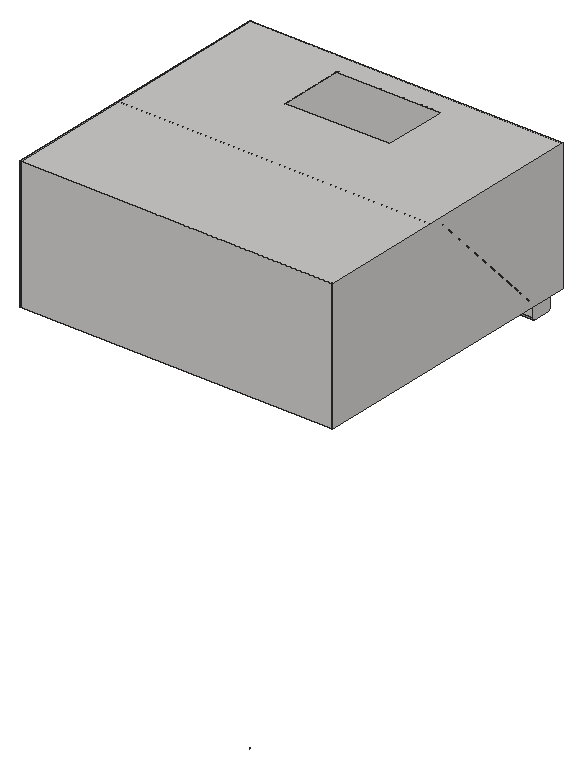
Revit family "QF_ELECTROLUXPROFESSIONAL_642010_EP1112T", category Specialty Equipment, Revit 2014
Reference planes
  plane 1 "Center (Front/Back)": y = 0
  plane 2: z = 0
  plane 3 "Center (Left/Right)": x = 150
  plane 4 "LEFT": x = -450
  plane 5 "RIGHT": x = 750
  plane 6 "BACK": y = 550
  plane 7 "FRONT": y = -550
  plane 8 "TOP": z = 2500
  plane 9 "Base": z = 2000
  plane 10: z = 1926
  plane 11 "DrainY": y = 485
  plane 12: x = -447
  plane 13: through (0, 414.509, 2000.8) normal (0, 0.7314, 0.682)
  plane 14: y = 470
  plane 15: y = 220
  plane 16 "DrainX": x = 630
  plane 17: x = -50
  plane 18: x = 350
  plane 19: x = 747
  plane 20: x = 540
  plane 21: x = 720
  plane 22: x = -410
  plane 23: x = 710
  plane 24: x = -47.5
  plane 25: x = 347.5
Forms (mm)
  Extrusion 1, solid, material "QF_Finishes_Stainless Steel"
    sketch origin (-450, 0, 360) x (0, 1, 0) y (0, 0, 1)
      loop
        line (550, 1640) -> (550, 2140) -> (-550, 2140) -> (-550, 1640) -> (550, 1640)
    from 0 to 3
  Extrusion 2, solid, material "QF_Finishes_Stainless Steel"
    sketch origin (150, 0, 360) x (0, 1, 0) y (0, 0, 1)
      loop
        line (415.255, 1640) -> (550, 1640) -> (550, 2139.19) -> (549.2, 2139.19) -> (549.2, 1640.8) -> (415.876, 1640.8) -> (339.347, 1722.867) -> (349.609, 1732.436) -> (348.927, 1733.167) -> (337.934, 1722.917) -> (415.255, 1640)
      loop
        line (-82.203, 2139.19) -> (-82.203, 2118.6) -> (-31.047, 2118.6) -> (34.354, 2048.466) -> (46.028, 2059.352) -> (45.346, 2060.083) -> (34.403, 2049.879) -> (-30.612, 2119.6) -> (-81.203, 2119.6) -> (-81.203, 2139.19) -> (-82.203, 2139.19)
    from -597 to 597
  Extrusion 3, solid, material "QF_Finishes_Stainless Steel"
    sketch origin (750, 0, 360) x (0, 1, 0) y (0, 0, 1)
      loop
        line (550, 1640) -> (550, 2140) -> (-550, 2140) -> (-550, 1640) -> (550, 1640)
    from 0 to -3
  Extrusion 4, solid, material "QF_Finishes_Stainless Steel"
    sketch origin (150, 0, 360) x (0, 1, 0) y (0, 0, 1)
      loop
        line (-550, 2140) -> (-550, 1640) -> (-549.2, 1640) -> (-549.2, 2139.19) -> (550, 2139.19) -> (550, 2140) -> (-550, 2140)
    from -600 to 600
  Extrusion 5, solid, material "QF_Finishes_Stainless Steel"
    sketch origin (150, 0, 360) x (0, 1, 0) y (0, 0, 1)
      loop
        line (534, 1640) -> (436, 1640) -> (436, 1627) -> (443.5, 1627) -> (443.5, 1576)
        arc (443.5, 1576) -> (446.429, 1568.929) -> (453.5, 1566) r 10
        line (453.5, 1566) -> (516.5, 1566)
        arc (516.5, 1566) -> (523.571, 1568.929) -> (526.5, 1576) r 10
        line (526.5, 1576) -> (526.5, 1627) -> (534, 1627) -> (534, 1640)
    from 390 to 570
  Extrusion 6, solid, material "QF_Finishes_Stainless Steel"
    sketch origin (0, 0, 2000) x (0, 1, 0) y (-1, 0, 0)
      loop
        circle (485, -630) r 20
    from -76 to -74
  Extrusion 7, solid, material "QF_Finished_Chrome"
    sketch origin (150, 0, 360) x (0, 1, 0) y (0, 0, 1)
      loop
        line (337.934, 1722.917) -> (341.591, 1726.327) -> (38.011, 2051.876) -> (34.354, 2048.466) -> (337.934, 1722.917)
    from -197.5 to -560
  Extrusion 8, solid, material "QF_Finishes_Stainless Steel"
    sketch origin (150, 0, 360) x (0, 1, 0) y (0, 0, 1)
      loop
        line (337.934, 1722.917) -> (341.591, 1726.327) -> (38.011, 2051.876) -> (34.354, 2048.466) -> (337.934, 1722.917)
    from 597 to 560
  Extrusion 9, solid, material "QF_Finished_Chrome"
    sketch origin (150, 0, 360) x (0, 1, 0) y (0, 0, 1)
      loop
        line (341.588, 1726.324) -> (38.009, 2051.874) -> (34.354, 2048.466) -> (337.934, 1722.917) -> (341.588, 1726.324)
    from 197.5 to 560
  Extrusion 10, void
    sketch origin (0, 0, 2500) x (0, 1, 0) y (-1, 0, 0)
      loop
        line (470, -350) -> (470, 50) -> (220, 50) -> (220, -350) -> (470, -350)
    from 0 to -10
  Extrusion 11, solid, material "QF_Finishes_Stainless Steel"
    sketch origin (0, 0, 0) x (1, 0, 0) y (0, 1, 0)
      loop
        line (-450, 550) -> (-450, 549) -> (-449, 549) -> (-449, 550) -> (-450, 550)
    from 0 to 1
  Extrusion 12, solid, material "QF_Finishes_Stainless Steel"
    sketch origin (150, 0, 360) x (0, 1, 0) y (0, 0, 1)
      loop
        line (337.934, 1722.917) -> (341.591, 1726.327) -> (38.011, 2051.876) -> (34.354, 2048.466) -> (337.934, 1722.917)
    from -560 to -597
  Extrusion 13, solid, material "QF_Finishes_Stainless Steel"
    sketch origin (150, 0, 360) x (0, 1, 0) y (0, 0, 1)
      loop
        line (337.934, 1722.917) -> (341.591, 1726.327) -> (38.011, 2051.876) -> (34.354, 2048.466) -> (337.934, 1722.917)
    from 197.5 to -197.5
Cuts and joins
  Extrusion 10 cuts Extrusion 4
  joined: Extrusion 2, Extrusion 4
Lines and regions (mm)
  reference lines
    curve 1: line (150, 34.354, 2408.466) -> (150, 34.354, 2248.466)
  symbolic lines, style "SpecialityEquipment", detail levels coarse
    curve 2: line (750, 550, 2500) -> (-450, 550, 2500)
    curve 3: line (-450, 550, 2500) -> (-450, -550, 2500)
    curve 4: line (750, -550, 2500) -> (750, 550, 2500)
    curve 5: line (-450, -550, 2500) -> (750, -550, 2500)
    curve 6: line (350, 220, 2500) -> (-50, 220, 2500)
    curve 7: line (350, 470, 2500) -> (350, 220, 2500)
    curve 8: line (-50, 470, 2500) -> (350, 470, 2500)
    curve 9: line (-50, 220, 2500) -> (-50, 470, 2500)
    curve 10: line (-450, -550, 0) -> (750, 550, 0)
    curve 11: line (-450, 550, 0) -> (750, -550, 0)
Dimensions and locks
  plane 4 "LEFT" to plane 5 "RIGHT" = 1200 mm
  equal spacing: plane 4 "LEFT", plane 3 "Center (Left/Right)", plane 5 "RIGHT"
  plane 9 "Base" to plane 10 = 74 mm
  plane 6 "BACK" to plane 11 "DrainY" = 65 mm  (x2)
  plane 4 "LEFT" to plane 12 = 3 mm
  plane 6 "BACK" to plane 14 = 80 mm
  plane 14 to plane 15 = 250 mm  (x2)
  plane 16 "DrainX" to plane 5 "RIGHT" = 120 mm
  plane 19 to plane 5 "RIGHT" = 3 mm
  locked: plane 20 to plane 16 "DrainX" at 90
  locked: plane 16 "DrainX" to plane 21 at 90
  plane 6 "BACK" to plane 7 "FRONT" = 1100 mm  (x2)
  equal spacing: plane 6 "BACK", plane 1 "Center (Front/Back)", plane 7 "FRONT"
  plane 15 to plane 7 "FRONT" = 770 mm
  plane 14 to plane 6 "BACK" = 80 mm
  locked: plane 4 "LEFT" to plane 22 at 40
  locked: plane 23 to plane 5 "RIGHT" at 40
  locked: plane 24 to plane 25 at 395
  equal spacing: plane 24, plane 3 "Center (Left/Right)", plane 25
  locked: plane 17 to plane 18 at 400
  equal spacing: plane 17, plane 3 "Center (Left/Right)", plane 18
  locked: plane 9 "Base" to level at 2000
  locked: plane 8 "TOP" to plane 9 "Base" at 500
  aligned and locked: level to plane 2
  aligned and locked: Extrusion 2 to Extrusion 1
  aligned and locked: Extrusion 2 to Extrusion 3
  aligned and locked: plane 5 "RIGHT" to Extrusion 4
  aligned and locked: Extrusion 4 to plane 4 "LEFT"
  aligned and locked: plane 19 to Extrusion 8
  aligned and locked: Extrusion 10 to plane 17
  aligned and locked: Extrusion 10 to plane 15
  aligned and locked: Extrusion 10 to plane 14
  aligned and locked: Extrusion 2 to Extrusion 4
  aligned and locked: plane 21 to Extrusion 5
  aligned and locked: Extrusion 5 to plane 20
  aligned and locked: Extrusion 8 to plane 23
  aligned and locked: Extrusion 9 to plane 23
  aligned and locked: Extrusion 7 to plane 22
  aligned and locked: Extrusion 12 to plane 12
  aligned and locked: plane 22 to Extrusion 12
  aligned and locked: Extrusion 3 to plane 19
  aligned and locked: Extrusion 10 to plane 18
  aligned and locked: plane 18 to curve 7
  aligned and locked: plane 25 to Extrusion 13
  aligned and locked: Extrusion 13 to plane 24
  aligned and locked: Extrusion 9 to plane 25
Automatic sketch dimensions
  curve 5 to plane 5 "RIGHT" = 0 mm
  curve 5 to plane 7 "FRONT" = 0 mm
  curve 6 to plane 15 = 0 mm
  plane 14 to curve 8 = 0 mm
  curve 3 to plane 4 "LEFT" = 0 mm
  curve 3 to plane 6 "BACK" = 0 mm
  curve 6 to plane 17 = 0 mm
  Extrusion 2 sketch curve to plane 13 = 0 mm  (x3)
  Extrusion 2 sketch curve to plane 9 "Base" = 0 mm
  plane 13 to Extrusion 2 sketch curve = 0 mm
  Extrusion 2 sketch curve to plane 6 "BACK" = 0 mm
  Extrusion 2 sketch curve to Extrusion 2 sketch curve = 65.646 mm
  Extrusion 2 sketch curve to Extrusion 2 sketch curve = 0.682 mm  (x2)
  Extrusion 2 sketch curve to Extrusion 2 sketch curve = 10.261 mm
  plane 9 "Base" to Extrusion 2 sketch curve = 82.917 mm
  Extrusion 2 sketch curve to plane 1 "Center (Front/Back)" = 46.028 mm
  Extrusion 2 sketch curve to Extrusion 2 sketch curve = 10.942 mm
  Extrusion 2 sketch curve to Extrusion 2 sketch curve = 0.049 mm
  Extrusion 2 sketch curve to plane 8 "TOP" = 20.4 mm
  Extrusion 2 sketch curve to plane 8 "TOP" = 21.4 mm
  Extrusion 2 sketch curve to plane 8 "TOP" = 0.81 mm  (x2)
  Extrusion 2 sketch curve to Extrusion 2 sketch curve = 50.156 mm
  Extrusion 2 sketch curve to Extrusion 2 sketch curve = 1 mm
  plane 9 "Base" to Extrusion 2 sketch curve = 0.8 mm
  Extrusion 2 sketch curve to plane 6 "BACK" = 0.8 mm
  Extrusion 3 sketch curve to plane 9 "Base" = 0 mm
  Extrusion 3 sketch curve to plane 6 "BACK" = 0 mm
  Extrusion 3 sketch curve to plane 8 "TOP" = 0 mm
  Extrusion 4 sketch curve to plane 7 "FRONT" = 0 mm
  Extrusion 4 sketch curve to plane 6 "BACK" = 0 mm
  Extrusion 4 sketch curve to plane 8 "TOP" = 0 mm
  plane 7 "FRONT" to Extrusion 4 sketch curve = 0.8 mm
  Extrusion 4 sketch curve to plane 8 "TOP" = 0.81 mm
  curve 1 to plane 13 = 0 mm
  curve 1 to plane 1 "Center (Front/Back)" = 34.354 mm
  Extrusion 5 sketch curve to plane 9 "Base" = 0 mm
  Extrusion 5 sketch curve to plane 10 = 0 mm
  Extrusion 5 sketch curve to plane 9 "Base" = 13 mm  (x2)
  plane 14 to Extrusion 5 sketch curve = 34 mm
  Extrusion 5 sketch curve to Extrusion 5 sketch curve = 7.5 mm  (x2)
  Extrusion 5 sketch curve to Extrusion 5 sketch curve = 10 mm
  plane 11 "DrainY" to Extrusion 5 sketch curve = 31.5 mm
  Extrusion 5 sketch curve to plane 6 "BACK" = 23.5 mm
  Extrusion 6 sketch curve to plane 11 "DrainY" = 0 mm
  Extrusion 6 sketch curve to plane 16 "DrainX" = 0 mm
  Extrusion 7 sketch curve to plane 13 = 0 mm  (x2)
  Extrusion 7 sketch curve to plane 1 "Center (Front/Back)" = 34.354 mm
  Extrusion 7 sketch curve to Extrusion 7 sketch curve = 3.657 mm
  plane 9 "Base" to Extrusion 7 sketch curve = 82.917 mm
  Extrusion 8 sketch curve to plane 13 = 0 mm  (x2)
  Extrusion 8 sketch curve to plane 1 "Center (Front/Back)" = 34.354 mm
  Extrusion 8 sketch curve to Extrusion 8 sketch curve = 3.657 mm
  plane 9 "Base" to Extrusion 8 sketch curve = 82.917 mm
  Extrusion 9 sketch curve to plane 13 = 0 mm  (x2)
  Extrusion 9 sketch curve to plane 1 "Center (Front/Back)" = 34.354 mm
  Extrusion 9 sketch curve to Extrusion 9 sketch curve = 3.655 mm
  plane 9 "Base" to Extrusion 9 sketch curve = 82.917 mm
  Extrusion 10 sketch curve to plane 15 = 0 mm
  plane 14 to Extrusion 10 sketch curve = 0 mm
  Extrusion 10 sketch curve to plane 18 = 0 mm
  Extrusion 10 sketch curve to plane 17 = 0 mm
  Extrusion 11 sketch curve to plane 4 "LEFT" = 0 mm
  Extrusion 11 sketch curve to plane 6 "BACK" = 0 mm
  plane 4 "LEFT" to Extrusion 11 sketch curve = 1 mm
  Extrusion 11 sketch curve to Extrusion 11 sketch curve = 1 mm
  Extrusion 12 sketch curve to plane 13 = 0 mm  (x2)
  Extrusion 12 sketch curve to plane 1 "Center (Front/Back)" = 34.354 mm
  Extrusion 12 sketch curve to Extrusion 12 sketch curve = 3.657 mm
  plane 9 "Base" to Extrusion 12 sketch curve = 82.917 mm
  Extrusion 13 sketch curve to plane 13 = 0 mm  (x2)
  Extrusion 13 sketch curve to plane 1 "Center (Front/Back)" = 34.354 mm
  Extrusion 13 sketch curve to Extrusion 13 sketch curve = 3.657 mm
  plane 9 "Base" to Extrusion 13 sketch curve = 82.917 mm
  Extrusion 1 sketch curve to plane 7 "FRONT" = 0 mm
  Extrusion 1 sketch curve to plane 6 "BACK" = 0 mm
  Extrusion 1 sketch curve to plane 8 "TOP" = 0 mm
  Extrusion 3 sketch curve to plane 7 "FRONT" = 0 mm
  Extrusion 1 sketch curve to plane 9 "Base" = 0 mm
  Extrusion 4 sketch curve to plane 9 "Base" = 0 mm
  curve 1 to curve 1 = 160 mm
  curve 11 to plane 4 "LEFT" = 0 mm
  curve 10 to plane 4 "LEFT" = 0 mm
  curve 11 to plane 5 "RIGHT" = 0 mm
  curve 10 to plane 5 "RIGHT" = 0 mm
  curve 11 to plane 7 "FRONT" = 0 mm
  curve 10 to plane 7 "FRONT" = 0 mm
  curve 11 to plane 6 "BACK" = 0 mm
  curve 10 to plane 6 "BACK" = 0 mm
  radius of Extrusion 6 sketch curve = 20 mm
Connectors
  piping at (630, 485, 1924), diameter 20
    settings: on Extrusion 6, index 1, connector inside diameter 609.6 mm, connector length 0 mm, flow factor 0, pipe flow 0.0 L/s, pressure drop 0.0 Pa, fitting loss kfactor 0, connector angle 0.00°, fixture units 0, engagement length 0 mm, angle of deflection 0.00°, flow configuration 1, flow direction 2, fitting loss method 0, system type 16, joint type 0, gender type 0, connector reference index -1, connector utility 0, adjustable connector no, is connector primary yes, connector description "Drain"
  hvac at (150, 345, 2500)
    settings: on Extrusion 10, index 2, duct flow 0.0 L/s, flow factor 0, pres drop 0.0 Pa, loss coef 0, conn angle 0.00°, conn width 250 mm, conn height 400 mm, conn diameter 609.6 mm, duct sys type 3, conn prof type 1, flow config 0, flow direction 2, loss method 0, conn ref index -1, conn util no, is conn primary yes, conn desc "EXHAUST OUTLET"
